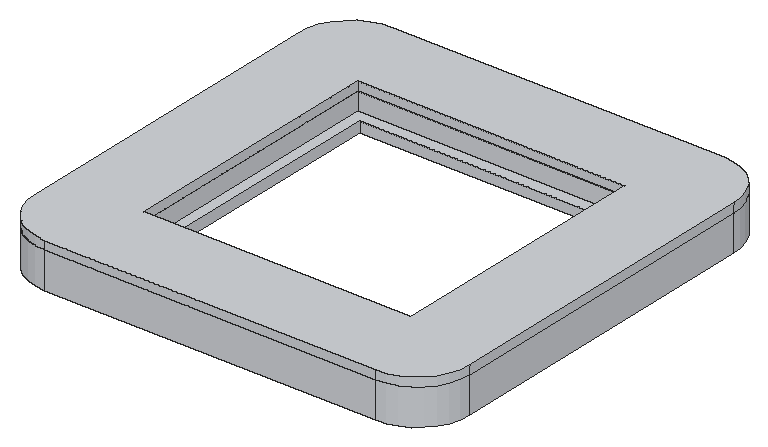
Revit family "Gira_0211422", category Electrical Fixtures, host Face, Revit 2017
Family settings
  Host = Face
  Maintain Annotation Orientation = No
  Round Connector Dimension = Use Diameter
  Part Type = Normal
  Cut with Voids When Loaded = No
  Shared = No
  Room Calculation Point = No
Parameters (values of type "Abdeckrahmen 1f Gira E3 Grau/Anthrazit")
  Werkstoffgüte = "sonstige"
  Werkstoff = "sonstige"
  URL = "http://katalog.gira.de/de_DE/datenblatt.html?artikelnr=0211422"
  Transparent = "No"
  Textfeld/Beschriftungsfläche = "No"
  Schutzart (IP) = "IP20"
  Region = "DE"
  Oberfläche = "sonstige"
  Name = "Abdeckrahmen 1f Gira E3 Grau/Anthrazit"
  Montagerichtung = "horizontal und vertikal"
  Mit Montagerahmen = "No"
  Mit Klappdeckel = "No"
  Manufacturer URL = "https://www.gira.de/"
  Keynote = "E3_Rahmen_1fach"
  HeinzeBIM = "https://bimportal.heinze.de/bim/abdeckrahmen-1f-gira-e3-grau-anthrazit/0b09eb1248de9a9172622032e92c065d8c95728e"
  Halogenfrei = "No"
  HAN = "0211422"
  Geeignet für Unterputz-Installation = "Yes"
  Geeignet für Unterflurkanaldose = "No"
  Geeignet für Geräteeinbaukanal = "No"
  Geeignet für Einbauinstallation = "No"
  GTIN = "4010337023951"
  Farbe = "grau"
  Default Elevation = 1219.2 mm
  Data sheet (1) = "https://katalog.gira.de/de_DE/download.html?artikelnr=0211422"
  Category = "Abdeckrahmen"
  Befestigungsart = "Klemmbefestigung"
  Available = "Yes"
  Anzahl der Einheiten vertikal = "1 "
  Anzahl der Einheiten horizontal = "1 "
  Anzahl der Einheiten = "1 "
Reference planes
  plane 1 "Center (Front/Back)": y = 0
  plane 2: z = 0
  plane 3 "Center (Left/Right)": x = 0
Forms (mm)
  Extrusion 1, solid, detail levels fine
    sketch origin (0, 0, 0) x (1, 0, 0) y (0, 1, 0)
      loop
        arc (-34.8, 45.809) -> (-42.585, 42.585) -> (-45.809, 34.8) r 11.009
        line (-45.809, 34.8) -> (-45.809, -34.8)
        arc (-45.809, -34.8) -> (-42.585, -42.585) -> (-34.8, -45.809) r 11.009
        line (-34.8, -45.809) -> (34.8, -45.809)
        arc (34.8, -45.809) -> (42.585, -42.585) -> (45.809, -34.8) r 11.009
        line (45.809, -34.8) -> (45.809, 34.8)
        arc (45.809, 34.8) -> (42.585, 42.585) -> (34.8, 45.809) r 11.009
        line (34.8, 45.809) -> (-34.8, 45.809)
      loop
        line (28.187, 28.156) -> (-28.187, 28.156) -> (-28.187, -28.156) -> (28.187, -28.156) -> (28.187, 28.156)
    from 7.65 to 9.5
  Extrusion 2, solid, detail levels fine
    sketch origin (0, 0, 0) x (1, 0, 0) y (0, 1, 0)
      loop
        line (25.7, 25.7) -> (-25.7, 25.7) -> (-25.7, -25.7) -> (25.7, -25.7) -> (25.7, 25.7)
      loop
        line (-28.187, -28.156) -> (28.187, -28.156) -> (28.187, 28.156) -> (-28.187, 28.156) -> (-28.187, -28.156)
    from 1.65 to 3.9
  Extrusion 3, solid, detail levels fine
    sketch origin (0, 0, 0) x (1, 0, 0) y (0, 1, 0)
      loop
        arc (-34.8, 45.809) -> (-42.585, 42.585) -> (-45.809, 34.8) r 11.009
        line (-45.809, 34.8) -> (-45.809, -34.8)
        arc (-45.809, -34.8) -> (-42.585, -42.585) -> (-34.8, -45.809) r 11.009
        line (-34.8, -45.809) -> (34.8, -45.809)
        arc (34.8, -45.809) -> (42.585, -42.585) -> (45.809, -34.8) r 11.009
        line (45.809, -34.8) -> (45.809, 34.8)
        arc (45.809, 34.8) -> (42.585, 42.585) -> (34.8, 45.809) r 11.009
        line (34.8, 45.809) -> (-34.8, 45.809)
      loop
        line (-43.843, 34.785) -> (-43.843, -34.785)
        arc (-43.843, -34.785) -> (-41.19, -41.19) -> (-34.785, -43.843) r 9.058
        line (-34.785, -43.843) -> (34.785, -43.843)
        arc (34.785, -43.843) -> (41.19, -41.19) -> (43.843, -34.785) r 9.058
        line (43.843, -34.785) -> (43.843, 34.785)
        arc (43.843, 34.785) -> (41.19, 41.19) -> (34.785, 43.843) r 9.058
        line (34.785, 43.843) -> (-34.785, 43.843)
        arc (-34.785, 43.843) -> (-41.19, 41.19) -> (-43.843, 34.785) r 9.058
    from 0 to 7.65
  Extrusion 4, solid, detail levels fine
    sketch origin (0, 0, 0) x (1, 0, 0) y (0, 1, 0)
      loop
        line (-27.337, -31.075) -> (27.337, -31.075)
        arc (27.337, -31.075) -> (29.98, -29.98) -> (31.075, -27.337) r 3.739
        line (31.075, -27.337) -> (31.075, 27.337)
        arc (31.075, 27.337) -> (29.98, 29.98) -> (27.337, 31.075) r 3.739
        line (27.337, 31.075) -> (-27.337, 31.075)
        arc (-27.337, 31.075) -> (-29.98, 29.98) -> (-31.075, 27.337) r 3.739
        line (-31.075, 27.337) -> (-31.075, -27.337)
        arc (-31.075, -27.337) -> (-29.98, -29.98) -> (-27.337, -31.075) r 3.739
      loop
        line (-29.925, 27.537) -> (-29.925, -27.537)
        arc (-29.925, -27.537) -> (-29.226, -29.226) -> (-27.537, -29.925) r 2.389
        line (-27.537, -29.925) -> (27.537, -29.925)
        arc (27.537, -29.925) -> (29.226, -29.226) -> (29.925, -27.537) r 2.389
        line (29.925, -27.537) -> (29.925, 27.537)
        arc (29.925, 27.537) -> (29.226, 29.226) -> (27.537, 29.925) r 2.389
        line (27.537, 29.925) -> (-27.537, 29.925)
        arc (-27.537, 29.925) -> (-29.226, 29.226) -> (-29.925, 27.537) r 2.389
    from 1.65 to 7.65
  Extrusion 5, solid, detail levels fine
    sketch origin (0, 0, 0) x (1, 0, 0) y (0, 1, 0)
      loop
        line (-32.053, -39.8) -> (32.053, -39.8)
        arc (32.053, -39.8) -> (37.667, -36.708) -> (39.9, -30.7) r 9.2
        line (39.9, -30.7) -> (39.9, 30.7)
        arc (39.9, 30.7) -> (37.205, 37.205) -> (30.7, 39.9) r 9.2
        line (30.7, 39.9) -> (-30.7, 39.9)
        arc (-30.7, 39.9) -> (-37.205, 37.205) -> (-39.9, 30.7) r 9.2
        line (-39.9, 30.7) -> (-39.9, -30.7)
        arc (-39.9, -30.7) -> (-37.667, -36.708) -> (-32.053, -39.8) r 9.2
      loop
        line (-30.7, -31.7) -> (30.7, -31.7)
        arc (30.7, -31.7) -> (31.407, -31.407) -> (31.7, -30.7) r 1
        line (31.7, -30.7) -> (31.7, 30.7)
        arc (31.7, 30.7) -> (31.407, 31.407) -> (30.7, 31.7) r 1
        line (30.7, 31.7) -> (-30.7, 31.7)
        arc (-30.7, 31.7) -> (-31.407, 31.407) -> (-31.7, 30.7) r 1
        line (-31.7, 30.7) -> (-31.7, -30.7)
        arc (-31.7, -30.7) -> (-31.407, -31.407) -> (-30.7, -31.7) r 1
    from 1.65 to 3.9
  Extrusion 6, solid, detail levels fine
    sketch origin (0, 0, 0) x (1, 0, 0) y (0, 1, 0)
      loop
        line (-28.187, 28.156) -> (-28.187, -28.156) -> (28.187, -28.156) -> (28.187, 28.156) -> (-28.187, 28.156)
      loop
        line (-29.925, 29.925) -> (-29.925, -29.925) -> (29.925, -29.925) -> (29.925, 29.925) -> (-29.925, 29.925)
    from 1.65 to 7.65
  Extrusion 7, solid, detail levels coarse+medium
    sketch origin (0, 0, 0) x (1, 0, 0) y (0, 1, 0)
      loop
        line (-45.809, 45.809) -> (-45.809, -45.809) -> (45.809, -45.809) -> (45.809, 45.809) -> (-45.809, 45.809)
    from 0 to 9.5
Lines and regions (mm)
  reference lines
    curve 1: line (0, 45.809, 0) -> (0, -45.809, 0)
Dimensions and locks
  aligned and locked: plane 2 to host face
  aligned and locked: level to host face
